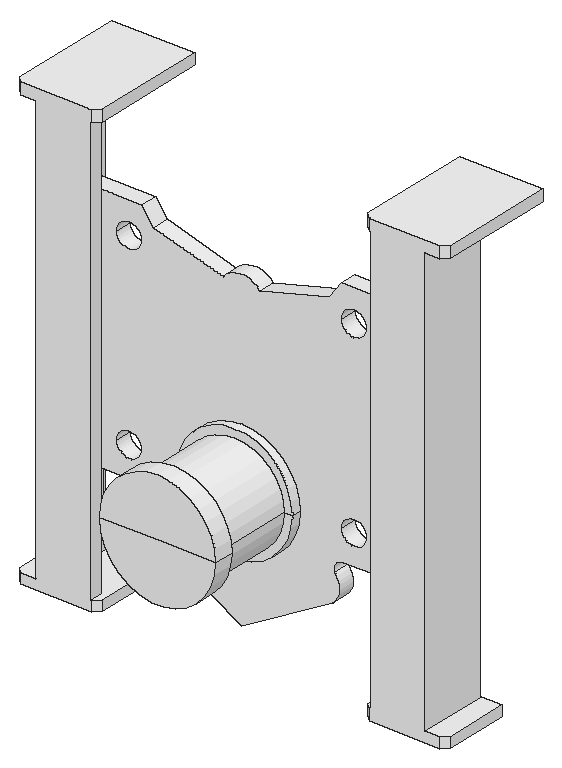
Revit family "MC-21", category Plumbing Fixtures, host Face, Revit 2024
Family settings
  Host = Face
  Round Connector Dimension = Use Diameter
  Part Type = Normal
  OmniClass Number = 23.45.05.21.11
  OmniClass Title = Water Closets
  Enable Cutting in Views = No
  Cut with Voids When Loaded = No
  Maintain Annotation Orientation = No
  Shared = No
  Room Calculation Point = No
Parameters
  WFU = 0
  URL = "www.mifab.com"
  Model = "MC-21"
  Manufacturer = "MIFAB"
  Floor Drain Material = Paint - Sherwin Williams Paint - #952C2A - Bellwood Red
  Description = "Compact Rear Outlet Water Closet Carrier Without Fitting"
  Default Elevation = 0.000"
  Assembly Code = ""
Reference planes (in)
  plane 1 "Center (Front/Back)": y = 0
  plane 2: z = 0
  plane 3 "Center (Left/Right)": x = 0
Forms (in)
  Extrusion 1, solid, material "Paint - Sherwin Williams Paint - #952C2A - Bellwood Red"
    sketch origin (0.19123, -0.627, -8.13709) x (1, 0, 0) y (0, 0, 1)
      loop
        line (-7.2342, 23.04283) -> (-7.2342, 10.16783) -> (-6.1042, 10.16783) -> (-6.1042, 12.75458)
        arc (-6.1042, 12.75458) -> (-6.01199, 12.96623) -> (-5.7942, 13.04283) r 0.28902
        line (-5.7942, 13.04283) -> (-4.07878, 13.04283)
        arc (-4.07878, 13.04283) -> (-3.77847, 12.89241) -> (-3.71908, 12.56182) r 0.375
        arc (-3.71908, 12.56182) -> (-3.93299, 11.98304) -> (-3.6544, 11.43246) r 0.77182
        line (-3.6544, 11.43246) -> (0, 9.32259) -> (3.6544, 11.43246)
        arc (3.6544, 11.43246) -> (3.93299, 11.98304) -> (3.71908, 12.56182) r 0.77182
        arc (3.71908, 12.56182) -> (3.77847, 12.89241) -> (4.07878, 13.04283) r 0.375
        line (4.07878, 13.04283) -> (5.7942, 13.04283)
        arc (5.7942, 13.04283) -> (6.01199, 12.96623) -> (6.1042, 12.75458) r 0.28902
        line (6.1042, 12.75458) -> (6.1042, 10.16783) -> (7.2342, 10.16783) -> (7.2342, 23.04283) -> (3.9842, 23.04283) -> (3.52337, 22.3847) -> (0.72608, 21.60568)
        arc (0.72608, 21.60568) -> (0, 21.94215) -> (-0.72608, 21.60568) r 0.95164
        line (-0.72608, 21.60568) -> (-3.52337, 22.3847) -> (-3.9842, 23.04283) -> (-7.2342, 23.04283)
      loop
        circle (-4.5, 21.75) r 0.5
      loop
        circle (-4.5, 14.25) r 0.5
      loop
        circle (4.5, 14.25) r 0.5
      loop
        circle (4.5, 21.75) r 0.5
    from 0 to 0.65625
  Extrusion 2, solid, material "Paint - Sherwin Williams Paint - #952C2A - Bellwood Red"
    sketch origin (0.19123, 0, 24.87613) x (-1, 0, 0) y (0, -1, 0)
      loop
        line (5.55353, 1.84575) -> (5.31343, 1.60565) -> (5.31343, -2.99352) -> (8.625, -2.99352) -> (8.625, 1.60565) -> (8.3849, 1.84575) -> (5.55353, 1.84575)
      loop
        line (-5.55353, 1.84575) -> (-8.3849, 1.84575) -> (-8.625, 1.60565) -> (-8.625, -2.99352) -> (-5.31343, -2.99352) -> (-5.31343, 1.60565) -> (-5.55353, 1.84575)
    from -6.87613 to -7.32613
  Extrusion 3, solid, material "Paint - Sherwin Williams Paint - #952C2A - Bellwood Red"
    sketch origin (0.19123, 0, 0.15738) x (0, 1, 0) y (-1, 0, 0)
      loop
        line (-1.84575, 5.55353) -> (-1.60565, 5.31343) -> (0.9494, 5.31343) -> (0.9494, 8.625) -> (-1.60565, 8.625) -> (-1.84575, 8.3849) -> (-1.84575, 5.55353)
      loop
        line (-1.84575, -5.55353) -> (-1.84575, -8.3849) -> (-1.60565, -8.625) -> (0.9494, -8.625) -> (0.9494, -5.31343) -> (-1.60565, -5.31343) -> (-1.84575, -5.55353)
    from 0.24829 to -0.15738
  Revolve 4, solid, material "Paint - Sherwin Williams Paint - #952C2A - Bellwood Red"
    sketch origin (0.19123, 0, 6.11291) x (1, 0, 0) y (0, 1, 0)
      loop
        line (0, -5.48011) -> (0, -1.28325) -> (-2, -1.28325) -> (-2.3265, -1.28325) -> (-2.3265, -1.66021) -> (-2, -1.66021) -> (-2, -4.70704) -> (-2.3265, -4.70704) -> (-2.3265, -5.48011) -> (0, -5.48011)
      axis (0, -5.48011) -> (0, -1.28325)
    angle from 0 to 360
  Extrusion 5, solid, material "Paint - Sherwin Williams Paint - #952C2A - Bellwood Red"
    sketch origin (0.19123, -0.9415, -3.34433) x (1, 0, 0) y (0, 1, 0)
      loop
        line (-5.6092, -0.373) -> (-7.24936, -0.373) -> (-7.24936, 1.84575) -> (-7.78061, 1.84575) -> (-7.78061, -0.90425) -> (-5.6092, -0.90425) -> (-5.6092, -0.373)
      loop
        line (5.6092, -0.373) -> (5.6092, -0.90425) -> (7.78061, -0.90425) -> (7.78061, 1.84575) -> (7.24936, 1.84575) -> (7.24936, -0.373) -> (5.6092, -0.373)
    from 3.34433 to 21.34433
Cuts and joins
  joined: Extrusion 1, Extrusion 2, Extrusion 3, Revolve 4, Extrusion 5
Dimensions and locks (in)
  Extrusion 1 sketch curve to Extrusion 1 sketch curve = 7.500"
  aligned and locked: plane 2 to host face
  aligned and locked: level to host face
  aligned and locked: Extrusion 3 to host face
Connectors (in)
  piping at (0.19123, -5.48011, 6.11291), diameter 4.6
    settings: on Revolve 4, index 6, connector inside diameter 4.6", connector length 0.000", flow factor 0, pipe flow 0 GPM, pressure drop 0.00 psi, fitting loss kfactor 0, connector angle 0.00°, fixture units 0, engagement length 0.000", angle of deflection 0.00°, flow configuration 0, flow direction 0, fitting loss method 0, system type 7, joint type 0, gender type 0, connector reference index -1, connector utility 0, adjustable connector no, is connector primary yes, connector description ""
